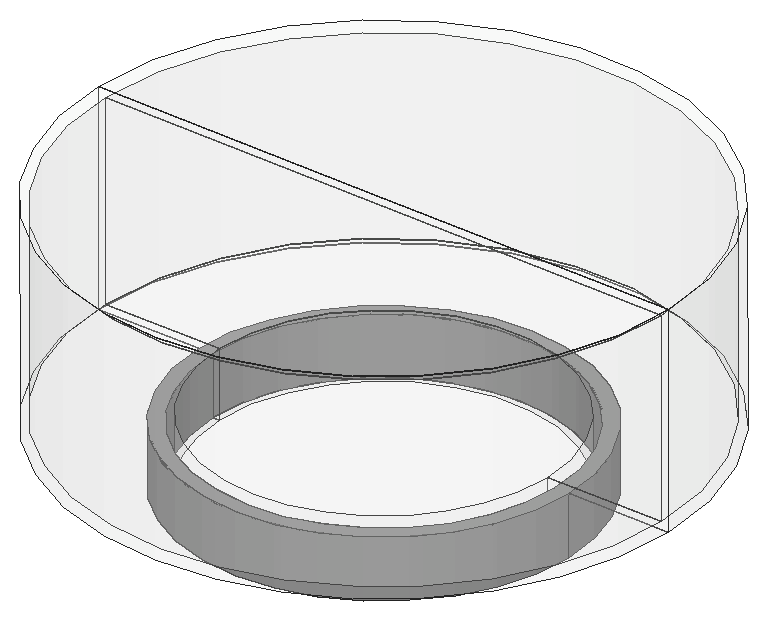
Revit family "8e49611ffbb14f8f9173dad9d337509f", category Lighting Fixtures, host Face, Revit 2021
Family settings
  Host = Face
  Round Connector Dimension = Use Diameter
  Part Type = Normal
  OmniClass Number = 23.80.70.11.11
  OmniClass Title = General Luminaries, Non Directional
  Seek Item ID = Ceiling Light - Flat Round-0000-USA-ENU
  Cut with Voids When Loaded = No
  Light Source = Yes
  Shared = No
  Room Calculation Point = No
Parameters (values of type "60W - 277V")
  Wattage = 60 W
  built-in parameter 1150110 = 1 (stored number, unit not read)
  built-in parameter 1150109 = 1 (stored number, unit not read)
  built-in parameter 1150134 = 4
  built-in parameter 1150113 = 1 (stored number, unit not read)
  Tilt Angle = -90.00°
  built-in parameter 1150115 = 1 (stored number, unit not read)
  built-in parameter 1150105 = 68.039 (stored number, unit not read)
  Load Classification = Lighting - Dwelling Unit
  built-in parameter 1150137 = 1
  built-in parameter 1150139 = (empty or 0)
  Light Box Material = Steel, Paint Finish, Dark Gray, Matte
  built-in parameter 1150112 = 1 (stored number, unit not read)
  built-in parameter 1150114 = 1 (stored number, unit not read)
  built-in parameter 1150132 = (empty or 0)
  built-in parameter 1150102 = (empty or 0)
  built-in parameter 1150138 = (empty or 0)
  built-in parameter 1150107 = 2800 (stored number, unit not read)
  built-in parameter 1150106 = 0.68039 (stored number, unit not read)
  Emit from Circle Diameter = 0' - 10"
  Emit Shape Visible in Rendering = no
  built-in parameter 1150104 = 1.3239 (stored number, unit not read)
  Dimming Lamp Color Temperature Shift = <None>
  Diffuser Material = Glass, White, High Luminance
  Lumens = 855 lm
  built-in parameter 1114217 = 1 (stored number, unit not read)
  Lamp = "A-19"
  Photometric Web File = "CLFR1A19.ies"
  Default Elevation = 4' - 0"
  Color Filter = 16777215
  built-in parameter 1140040 [instance] = 1
  Ballast Voltage = 277 V
  Ballast Number of Poles = 1
  built-in parameter 1114218 = 1 (stored number, unit not read)
  built-in parameter 1150133 = 10 (stored number, unit not read)
  Assembly Code = "D5020220"
  Apparent Load = 60 VA
Types (5): name | Wattage | built-in parameter 1150105 | built-in parameter 1150106 | built-in parameter 1150104 | Lumens | Lamp | Photometric Web File | Ballast Voltage | Apparent Load
  (no name) | 60 W | 68.039 (stored number, unit not read) | 0.68039 (stored number, unit not read) | 1.3239 (stored number, unit not read) | 855 lm | "A-19" | "CLFR1A19.ies" | 277 V | 60 VA
  60W - 120V | 60 W | 68.039 (stored number, unit not read) | 0.68039 (stored number, unit not read) | 1.3239 (stored number, unit not read) | 855 lm | "A-19" | "CLFR1A19.ies" | 120 V | 60 VA
  60W - 277V | 60 W | 68.039 (stored number, unit not read) | 0.68039 (stored number, unit not read) | 1.3239 (stored number, unit not read) | 855 lm | "A-19" | "CLFR1A19.ies" | 277 V | 60 VA
  100W - 120V | 100 W | 139.26 (stored number, unit not read) | 1.3926 (stored number, unit not read) | 1.6258 (stored number, unit not read) | 1750 lm | "A-19" | "CLFR1A21.ies" | 120 V | 100 VA
  100W - 277V | 100 W | 139.26 (stored number, unit not read) | 1.3926 (stored number, unit not read) | 1.6258 (stored number, unit not read) | 1750 lm | "A-21" | "CLFR1A21.ies" | 277 V | 100 VA
Reference planes (in)
  plane 1 "Center (Front/Back)": y = 0
  plane 2: z = 0
  plane 3 "Center (Left/Right)": x = 0
  plane 4: z = 1
  plane 5: z = 4.5
  plane 6: x = -5
  plane 7: x = -4.875
  plane 8: z = 4.375
  plane 9: x = -3
  plane 10: x = -2.875
  plane 11: z = 1.125
Forms (in)
  Revolve 1, solid, material "Glass, White, High Luminance" <- "Diffuser Material"
    sketch origin (0, 0, 0) x (1, 0, 0) y (0, 0, 1)
      loop
        line (0, 4.5) -> (-5, 4.5) -> (-5, 1) -> (-3, 1) -> (-3, 0) -> (-2.875, 0) -> (-2.875, 1.125) -> (-4.875, 1.125) -> (-4.875, 4.375) -> (0, 4.375) -> (0, 4.5)
      axis (0, 4.5) -> (0, 0)
    angle from 0 to 360
  Extrusion 2, solid, material "Steel, Paint Finish, Dark Gray, Matte" <- "Light Box Material"
    sketch origin (0, 0, 0) x (1, 0, 0) y (0, 1, 0)
      loop
        circle (0, 0) r 3.25
      loop
        circle (0, 0) r 3
    from 0 to 1
Dimensions and locks (in)
  locked: plane 4 to plane 2 at 1
  locked: plane 5 to plane 4 at 3.5
  locked: plane 3 "Center (Left/Right)" to plane 6 at 5
  locked: plane 7 to plane 6 at 0.125
  locked: plane 3 "Center (Left/Right)" to plane 9 at 3
  locked: plane 10 to plane 9 at 0.125
  locked: plane 5 to plane 8 at 0.125
  locked: plane 11 to plane 4 at 0.125
  radius of Extrusion 2 sketch curve = 0' - 3"
  radius of Extrusion 2 sketch curve = 0' - 3 1/4"
  aligned and locked: plane 2 to host face
  aligned and locked: level to host face
  aligned and locked: plane 3 "Center (Left/Right)" to imposter light
  aligned and locked: plane 1 "Center (Front/Back)" to imposter light
  aligned and locked: plane 1 "Center (Front/Back)" to Extrusion 2 sketch curve  (x2)
  aligned and locked: plane 3 "Center (Left/Right)" to Extrusion 2 sketch curve  (x2)
  aligned and locked: plane 4 to Extrusion 2
  aligned and locked: Extrusion 2 to plane 2
  aligned and locked: Revolve 1 to plane 5
  aligned and locked: Revolve 1 to plane 2
  aligned and locked: plane 5 to imposter light
Connectors (in)
  electrical at (0, 0, 4.5), driven by "Ballast Voltage", driven by "Ballast Number of Poles", driven by "Apparent Load", driven by "Load Classification"
    settings: on Revolve 1, index 1, voltage 277 V, apparent load 0 VA, apparent load phase1 60 VA, apparent load phase2 0 VA, apparent load phase3 0 VA, power factor 0.95, load classification "Lighting - Dwelling Unit", number of poles 1, system type 31, power factor state 1, is connector primary yes, connector utility no, sub classification motor no, connector description ""
